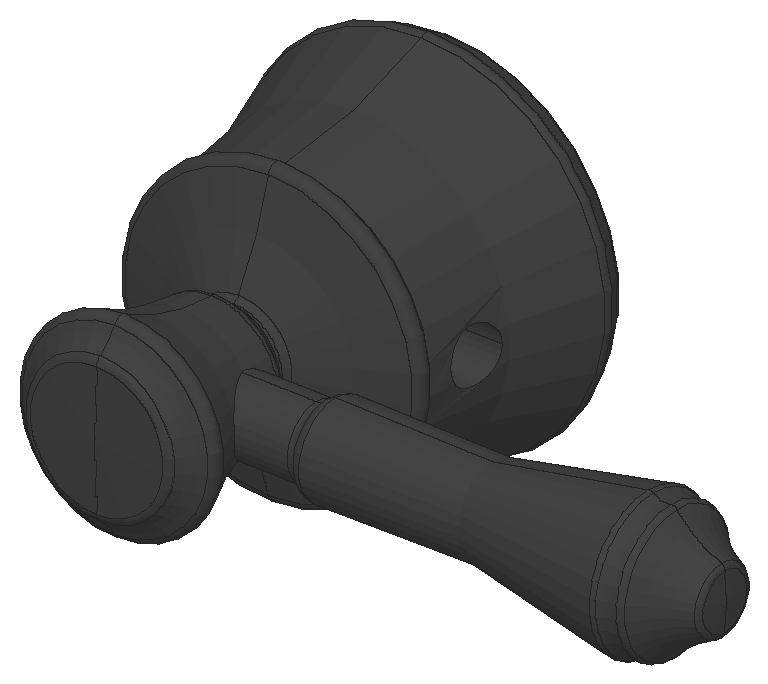
Revit family "Delta Bath Cassidy fgh797", category Plumbing Fixtures, host Wall, Revit 2013
Parameters
  URL = "http://www.deltafaucet.com "
  Valve = Stainless Steel
  Model = "fgh797"
  Manufacturer = "Delta"
Reference planes (in)
  plane 1: y = 0
  plane 2 "Center (Left/Right)": x = 0
  plane 3 "Wall Edge": y = 12
  plane 4: y = -12
  plane 5: y = -4
  plane 6: y = -6
Forms (in)
  Revolve 1, solid, material "Stainless Steel" <- "Valve"
    sketch origin (0, -8.08649, -48.25) x (0, 1, 0) y (0, 0, 1)
      loop
        arc (-5.32831, 69.85143) -> (-5.42167, 69.54972) -> (-5.56306, 69.2673) r 1.92667
        arc (-5.56306, 69.2673) -> (-5.58185, 69.24814) -> (-5.60718, 69.23927) r 0.05905
        line (-5.60718, 69.23927) -> (-5.63951, 69.23927)
        arc (-5.63951, 69.23927) -> (-5.65227, 69.24936) -> (-5.66049, 69.2634) r 0.04403
        arc (-5.66049, 69.2634) -> (-5.67541, 69.28546) -> (-5.69841, 69.2989) r 0.06
        arc (-5.69841, 69.2989) -> (-5.71806, 69.30963) -> (-5.73178, 69.32733) r 0.05482
        arc (-5.73178, 69.32733) -> (-5.75246, 69.35097) -> (-5.78225, 69.36092) r 0.06
        arc (-5.78225, 69.36092) -> (-6.13523, 69.42063) -> (-6.46666, 69.55591) r 1.63073
        arc (-6.46666, 69.55591) -> (-6.51645, 69.56427) -> (-6.55499, 69.53168) r 0.06
        arc (-6.55499, 69.53168) -> (-6.60238, 69.45965) -> (-6.66861, 69.40446) r 0.29404
        arc (-6.66861, 69.40446) -> (-6.68774, 69.38485) -> (-6.69616, 69.35877) r 0.06
        arc (-6.69616, 69.35877) -> (-6.70917, 69.14701) -> (-6.71351, 68.93489) r 5.18563
        line (-6.71351, 68.93489) -> (-3.91351, 68.93489) -> (-3.91351, 70.01368)
        arc (-3.91351, 70.01368) -> (-3.91738, 70.03118) -> (-3.93017, 70.04374) r 0.03153
        line (-3.93017, 70.04374) -> (-4.04683, 70.10572)
        arc (-4.04683, 70.10572) -> (-4.0796, 70.11255) -> (-4.11093, 70.10077) r 0.06
        arc (-4.11093, 70.10077) -> (-4.64131, 69.9214) -> (-5.19729, 69.85534) r 2.69835
        arc (-5.19729, 69.85534) -> (-5.21166, 69.86299) -> (-5.22235, 69.87527) r 0.04487
        arc (-5.22235, 69.87527) -> (-5.2829, 69.89699) -> (-5.32831, 69.85143) r 0.06
      axis (-3.91351, 68.93489) -> (-6.71351, 68.93489)
    angle from 0 to 360
  Revolve 2, solid, material "Stainless Steel" <- "Valve"
    sketch origin (0, -14.125, -48.25) x (1, 0, 0) y (0, 0, 1)
      loop
        arc (3.48766, 68.94686) -> (3.48193, 69.03416) -> (3.47545, 69.1214) r 10.0877
        arc (3.47545, 69.1214) -> (3.46881, 69.14214) -> (3.45362, 69.15774) r 0.04749
        arc (3.45362, 69.15774) -> (3.2971, 69.24419) -> (3.16651, 69.36633) r 0.7249
        arc (3.16651, 69.36633) -> (3.14899, 69.37864) -> (3.12765, 69.38048) r 0.04114
        arc (3.12765, 69.38048) -> (3.06873, 69.38193) -> (3.01514, 69.40645) r 0.14675
        arc (3.01514, 69.40645) -> (2.99976, 69.41301) -> (2.98308, 69.41211) r 0.03691
        arc (2.98308, 69.41211) -> (1.99743, 69.22792) -> (0.99476, 69.23815) r 5.15198
        arc (0.99476, 69.23815) -> (0.95196, 69.22043) -> (0.91949, 69.18738) r 0.11611
        arc (0.91949, 69.18738) -> (0.8976, 69.17793) -> (0.87381, 69.17645) r 0.06936
        arc (0.87381, 69.17645) -> (0.57404, 69.16829) -> (0.27427, 69.17645) r 5.50957
        line (0.27427, 69.17645) -> (0.27427, 68.94686) -> (3.48766, 68.94686)
      axis (0.27427, 68.94686) -> (3.48766, 68.94686)
    angle from 0 to 360
  Sweep 3, void
    path origin (-0.13809, -5.90909, -48.08558) x (1, 0, 0) y (0, 0, 1)
      loop
        line (1.32574, 68.91738) -> (0.32574, 68.91738)
    profile origin (0.68765, -5.90909, 20.8318) x (0, 0, -1) y (0, -1, 0)
      loop
        circle (0.13681, 7.03952) r 0.17875
  Revolve 4, solid, material "Stainless Steel" <- "Valve", not visible
    sketch origin (0, -0.08649, -4.25) x (0, 1, 0) y (0, 0, 1)
      loop
        arc (-5.32831, 69.85143) -> (-5.42167, 69.54972) -> (-5.56306, 69.2673) r 1.92667
        arc (-5.56306, 69.2673) -> (-5.58185, 69.24814) -> (-5.60718, 69.23927) r 0.05905
        line (-5.60718, 69.23927) -> (-5.63951, 69.23927)
        arc (-5.63951, 69.23927) -> (-5.65227, 69.24936) -> (-5.66049, 69.2634) r 0.04403
        arc (-5.66049, 69.2634) -> (-5.67541, 69.28546) -> (-5.69841, 69.2989) r 0.06
        arc (-5.69841, 69.2989) -> (-5.71806, 69.30963) -> (-5.73178, 69.32733) r 0.05482
        arc (-5.73178, 69.32733) -> (-5.75246, 69.35097) -> (-5.78225, 69.36092) r 0.06
        arc (-5.78225, 69.36092) -> (-6.13523, 69.42063) -> (-6.46666, 69.55591) r 1.63073
        arc (-6.46666, 69.55591) -> (-6.51645, 69.56427) -> (-6.55499, 69.53168) r 0.06
        arc (-6.55499, 69.53168) -> (-6.60238, 69.45965) -> (-6.66861, 69.40446) r 0.29404
        arc (-6.66861, 69.40446) -> (-6.68774, 69.38485) -> (-6.69616, 69.35877) r 0.06
        arc (-6.69616, 69.35877) -> (-6.70917, 69.14701) -> (-6.71351, 68.93489) r 5.18563
        line (-6.71351, 68.93489) -> (-3.91351, 68.93489) -> (-3.91351, 70.01368)
        arc (-3.91351, 70.01368) -> (-3.91738, 70.03118) -> (-3.93017, 70.04374) r 0.03153
        line (-3.93017, 70.04374) -> (-4.04683, 70.10572)
        arc (-4.04683, 70.10572) -> (-4.0796, 70.11255) -> (-4.11093, 70.10077) r 0.06
        arc (-4.11093, 70.10077) -> (-4.64131, 69.9214) -> (-5.19729, 69.85534) r 2.69835
        arc (-5.19729, 69.85534) -> (-5.21166, 69.86299) -> (-5.22235, 69.87527) r 0.04487
        arc (-5.22235, 69.87527) -> (-5.2829, 69.89699) -> (-5.32831, 69.85143) r 0.06
      axis (-3.91351, 68.93489) -> (-6.71351, 68.93489)
    angle from 0 to 360
  Revolve 5, solid, material "Stainless Steel" <- "Valve", not visible
    sketch origin (0, -6.125, -4.25) x (1, 0, 0) y (0, 0, 1)
      loop
        arc (3.48766, 68.94686) -> (3.48193, 69.03416) -> (3.47545, 69.1214) r 10.0877
        arc (3.47545, 69.1214) -> (3.46881, 69.14214) -> (3.45362, 69.15774) r 0.04749
        arc (3.45362, 69.15774) -> (3.2971, 69.24419) -> (3.16651, 69.36633) r 0.7249
        arc (3.16651, 69.36633) -> (3.14899, 69.37864) -> (3.12765, 69.38048) r 0.04114
        arc (3.12765, 69.38048) -> (3.06873, 69.38193) -> (3.01514, 69.40645) r 0.14675
        arc (3.01514, 69.40645) -> (2.99976, 69.41301) -> (2.98308, 69.41211) r 0.03691
        arc (2.98308, 69.41211) -> (1.99743, 69.22792) -> (0.99476, 69.23815) r 5.15198
        arc (0.99476, 69.23815) -> (0.95196, 69.22043) -> (0.91949, 69.18738) r 0.11611
        arc (0.91949, 69.18738) -> (0.8976, 69.17793) -> (0.87381, 69.17645) r 0.06936
        arc (0.87381, 69.17645) -> (0.57404, 69.16829) -> (0.27427, 69.17645) r 5.50957
        line (0.27427, 69.17645) -> (0.27427, 68.94686) -> (3.48766, 68.94686)
      axis (0.27427, 68.94686) -> (3.48766, 68.94686)
    angle from 0 to 360
  Sweep 6, void, not visible
    path origin (-0.13809, 2.09091, -4.08558) x (1, 0, 0) y (0, 0, 1)
      loop
        line (1.32574, 68.91738) -> (0.32574, 68.91738)
    profile origin (0.68765, 2.09091, 64.8318) x (0, 0, -1) y (0, -1, 0)
      loop
        circle (0.13681, 7.03952) r 0.17875
  Revolve 7, solid, material "Stainless Steel" <- "Valve", not visible
    sketch origin (0, -0.08649, -48.25) x (0, 1, 0) y (0, 0, 1)
      loop
        arc (-5.32831, 69.85143) -> (-5.42167, 69.54972) -> (-5.56306, 69.2673) r 1.92667
        arc (-5.56306, 69.2673) -> (-5.58185, 69.24814) -> (-5.60718, 69.23927) r 0.05905
        line (-5.60718, 69.23927) -> (-5.63951, 69.23927)
        arc (-5.63951, 69.23927) -> (-5.65227, 69.24936) -> (-5.66049, 69.2634) r 0.04403
        arc (-5.66049, 69.2634) -> (-5.67541, 69.28546) -> (-5.69841, 69.2989) r 0.06
        arc (-5.69841, 69.2989) -> (-5.71806, 69.30963) -> (-5.73178, 69.32733) r 0.05482
        arc (-5.73178, 69.32733) -> (-5.75246, 69.35097) -> (-5.78225, 69.36092) r 0.06
        arc (-5.78225, 69.36092) -> (-6.13523, 69.42063) -> (-6.46666, 69.55591) r 1.63073
        arc (-6.46666, 69.55591) -> (-6.51645, 69.56427) -> (-6.55499, 69.53168) r 0.06
        arc (-6.55499, 69.53168) -> (-6.60238, 69.45965) -> (-6.66861, 69.40446) r 0.29404
        arc (-6.66861, 69.40446) -> (-6.68774, 69.38485) -> (-6.69616, 69.35877) r 0.06
        arc (-6.69616, 69.35877) -> (-6.70917, 69.14701) -> (-6.71351, 68.93489) r 5.18563
        line (-6.71351, 68.93489) -> (-3.91351, 68.93489) -> (-3.91351, 70.01368)
        arc (-3.91351, 70.01368) -> (-3.91738, 70.03118) -> (-3.93017, 70.04374) r 0.03153
        line (-3.93017, 70.04374) -> (-4.04683, 70.10572)
        arc (-4.04683, 70.10572) -> (-4.0796, 70.11255) -> (-4.11093, 70.10077) r 0.06
        arc (-4.11093, 70.10077) -> (-4.64131, 69.9214) -> (-5.19729, 69.85534) r 2.69835
        arc (-5.19729, 69.85534) -> (-5.21166, 69.86299) -> (-5.22235, 69.87527) r 0.04487
        arc (-5.22235, 69.87527) -> (-5.2829, 69.89699) -> (-5.32831, 69.85143) r 0.06
      axis (-3.91351, 68.93489) -> (-6.71351, 68.93489)
    angle from 0 to 360
  Revolve 8, solid, material "Stainless Steel" <- "Valve", not visible
    sketch origin (0, -6.125, -48.25) x (1, 0, 0) y (0, 0, 1)
      loop
        arc (3.48766, 68.94686) -> (3.48193, 69.03416) -> (3.47545, 69.1214) r 10.0877
        arc (3.47545, 69.1214) -> (3.46881, 69.14214) -> (3.45362, 69.15774) r 0.04749
        arc (3.45362, 69.15774) -> (3.2971, 69.24419) -> (3.16651, 69.36633) r 0.7249
        arc (3.16651, 69.36633) -> (3.14899, 69.37864) -> (3.12765, 69.38048) r 0.04114
        arc (3.12765, 69.38048) -> (3.06873, 69.38193) -> (3.01514, 69.40645) r 0.14675
        arc (3.01514, 69.40645) -> (2.99976, 69.41301) -> (2.98308, 69.41211) r 0.03691
        arc (2.98308, 69.41211) -> (1.99743, 69.22792) -> (0.99476, 69.23815) r 5.15198
        arc (0.99476, 69.23815) -> (0.95196, 69.22043) -> (0.91949, 69.18738) r 0.11611
        arc (0.91949, 69.18738) -> (0.8976, 69.17793) -> (0.87381, 69.17645) r 0.06936
        arc (0.87381, 69.17645) -> (0.57404, 69.16829) -> (0.27427, 69.17645) r 5.50957
        line (0.27427, 69.17645) -> (0.27427, 68.94686) -> (3.48766, 68.94686)
      axis (0.27427, 68.94686) -> (3.48766, 68.94686)
    angle from 0 to 360
  Sweep 9, void, not visible
    path origin (-0.13809, 2.09091, -48.08558) x (1, 0, 0) y (0, 0, 1)
      loop
        line (1.32574, 68.91738) -> (0.32574, 68.91738)
    profile origin (0.68765, 2.09091, 20.8318) x (0, 0, -1) y (0, -1, 0)
      loop
        circle (0.13681, 7.03952) r 0.17875
  Revolve 10, solid, material "Stainless Steel" <- "Valve", not visible
    sketch origin (0, -0.08649, -48.25) x (0, 1, 0) y (0, 0, 1)
      loop
        arc (-5.32831, 69.85143) -> (-5.42167, 69.54972) -> (-5.56306, 69.2673) r 1.92667
        arc (-5.56306, 69.2673) -> (-5.58185, 69.24814) -> (-5.60718, 69.23927) r 0.05905
        line (-5.60718, 69.23927) -> (-5.63951, 69.23927)
        arc (-5.63951, 69.23927) -> (-5.65227, 69.24936) -> (-5.66049, 69.2634) r 0.04403
        arc (-5.66049, 69.2634) -> (-5.67541, 69.28546) -> (-5.69841, 69.2989) r 0.06
        arc (-5.69841, 69.2989) -> (-5.71806, 69.30963) -> (-5.73178, 69.32733) r 0.05482
        arc (-5.73178, 69.32733) -> (-5.75246, 69.35097) -> (-5.78225, 69.36092) r 0.06
        arc (-5.78225, 69.36092) -> (-6.13523, 69.42063) -> (-6.46666, 69.55591) r 1.63073
        arc (-6.46666, 69.55591) -> (-6.51645, 69.56427) -> (-6.55499, 69.53168) r 0.06
        arc (-6.55499, 69.53168) -> (-6.60238, 69.45965) -> (-6.66861, 69.40446) r 0.29404
        arc (-6.66861, 69.40446) -> (-6.68774, 69.38485) -> (-6.69616, 69.35877) r 0.06
        arc (-6.69616, 69.35877) -> (-6.70917, 69.14701) -> (-6.71351, 68.93489) r 5.18563
        line (-6.71351, 68.93489) -> (-3.91351, 68.93489) -> (-3.91351, 70.01368)
        arc (-3.91351, 70.01368) -> (-3.91738, 70.03118) -> (-3.93017, 70.04374) r 0.03153
        line (-3.93017, 70.04374) -> (-4.04683, 70.10572)
        arc (-4.04683, 70.10572) -> (-4.0796, 70.11255) -> (-4.11093, 70.10077) r 0.06
        arc (-4.11093, 70.10077) -> (-4.64131, 69.9214) -> (-5.19729, 69.85534) r 2.69835
        arc (-5.19729, 69.85534) -> (-5.21166, 69.86299) -> (-5.22235, 69.87527) r 0.04487
        arc (-5.22235, 69.87527) -> (-5.2829, 69.89699) -> (-5.32831, 69.85143) r 0.06
      axis (-3.91351, 68.93489) -> (-6.71351, 68.93489)
    angle from 0 to 360
  Revolve 11, solid, material "Stainless Steel" <- "Valve", not visible
    sketch origin (0, -6.125, -48.25) x (1, 0, 0) y (0, 0, 1)
      loop
        arc (3.48766, 68.94686) -> (3.48193, 69.03416) -> (3.47545, 69.1214) r 10.0877
        arc (3.47545, 69.1214) -> (3.46881, 69.14214) -> (3.45362, 69.15774) r 0.04749
        arc (3.45362, 69.15774) -> (3.2971, 69.24419) -> (3.16651, 69.36633) r 0.7249
        arc (3.16651, 69.36633) -> (3.14899, 69.37864) -> (3.12765, 69.38048) r 0.04114
        arc (3.12765, 69.38048) -> (3.06873, 69.38193) -> (3.01514, 69.40645) r 0.14675
        arc (3.01514, 69.40645) -> (2.99976, 69.41301) -> (2.98308, 69.41211) r 0.03691
        arc (2.98308, 69.41211) -> (1.99743, 69.22792) -> (0.99476, 69.23815) r 5.15198
        arc (0.99476, 69.23815) -> (0.95196, 69.22043) -> (0.91949, 69.18738) r 0.11611
        arc (0.91949, 69.18738) -> (0.8976, 69.17793) -> (0.87381, 69.17645) r 0.06936
        arc (0.87381, 69.17645) -> (0.57404, 69.16829) -> (0.27427, 69.17645) r 5.50957
        line (0.27427, 69.17645) -> (0.27427, 68.94686) -> (3.48766, 68.94686)
      axis (0.27427, 68.94686) -> (3.48766, 68.94686)
    angle from 0 to 360
  Sweep 12, void, not visible
    path origin (-0.13809, 2.09091, -48.08558) x (1, 0, 0) y (0, 0, 1)
      loop
        line (1.32574, 68.91738) -> (0.32574, 68.91738)
    profile origin (0.68765, 2.09091, 20.8318) x (0, 0, -1) y (0, -1, 0)
      loop
        circle (0.13681, 7.03952) r 0.17875
  Revolve 13, solid, material "Stainless Steel" <- "Valve", not visible
    sketch origin (0, -2.08649, -48.25) x (0, 1, 0) y (0, 0, 1)
      loop
        arc (-5.32831, 69.85143) -> (-5.42167, 69.54972) -> (-5.56306, 69.2673) r 1.92667
        arc (-5.56306, 69.2673) -> (-5.58185, 69.24814) -> (-5.60718, 69.23927) r 0.05905
        line (-5.60718, 69.23927) -> (-5.63951, 69.23927)
        arc (-5.63951, 69.23927) -> (-5.65227, 69.24936) -> (-5.66049, 69.2634) r 0.04403
        arc (-5.66049, 69.2634) -> (-5.67541, 69.28546) -> (-5.69841, 69.2989) r 0.06
        arc (-5.69841, 69.2989) -> (-5.71806, 69.30963) -> (-5.73178, 69.32733) r 0.05482
        arc (-5.73178, 69.32733) -> (-5.75246, 69.35097) -> (-5.78225, 69.36092) r 0.06
        arc (-5.78225, 69.36092) -> (-6.13523, 69.42063) -> (-6.46666, 69.55591) r 1.63073
        arc (-6.46666, 69.55591) -> (-6.51645, 69.56427) -> (-6.55499, 69.53168) r 0.06
        arc (-6.55499, 69.53168) -> (-6.60238, 69.45965) -> (-6.66861, 69.40446) r 0.29404
        arc (-6.66861, 69.40446) -> (-6.68774, 69.38485) -> (-6.69616, 69.35877) r 0.06
        arc (-6.69616, 69.35877) -> (-6.70917, 69.14701) -> (-6.71351, 68.93489) r 5.18563
        line (-6.71351, 68.93489) -> (-3.91351, 68.93489) -> (-3.91351, 70.01368)
        arc (-3.91351, 70.01368) -> (-3.91738, 70.03118) -> (-3.93017, 70.04374) r 0.03153
        line (-3.93017, 70.04374) -> (-4.04683, 70.10572)
        arc (-4.04683, 70.10572) -> (-4.0796, 70.11255) -> (-4.11093, 70.10077) r 0.06
        arc (-4.11093, 70.10077) -> (-4.64131, 69.9214) -> (-5.19729, 69.85534) r 2.69835
        arc (-5.19729, 69.85534) -> (-5.21166, 69.86299) -> (-5.22235, 69.87527) r 0.04487
        arc (-5.22235, 69.87527) -> (-5.2829, 69.89699) -> (-5.32831, 69.85143) r 0.06
      axis (-3.91351, 68.93489) -> (-6.71351, 68.93489)
    angle from 0 to 360
  Revolve 14, solid, material "Stainless Steel" <- "Valve", not visible
    sketch origin (0, -8.125, -48.25) x (1, 0, 0) y (0, 0, 1)
      loop
        arc (3.48766, 68.94686) -> (3.48193, 69.03416) -> (3.47545, 69.1214) r 10.0877
        arc (3.47545, 69.1214) -> (3.46881, 69.14214) -> (3.45362, 69.15774) r 0.04749
        arc (3.45362, 69.15774) -> (3.2971, 69.24419) -> (3.16651, 69.36633) r 0.7249
        arc (3.16651, 69.36633) -> (3.14899, 69.37864) -> (3.12765, 69.38048) r 0.04114
        arc (3.12765, 69.38048) -> (3.06873, 69.38193) -> (3.01514, 69.40645) r 0.14675
        arc (3.01514, 69.40645) -> (2.99976, 69.41301) -> (2.98308, 69.41211) r 0.03691
        arc (2.98308, 69.41211) -> (1.99743, 69.22792) -> (0.99476, 69.23815) r 5.15198
        arc (0.99476, 69.23815) -> (0.95196, 69.22043) -> (0.91949, 69.18738) r 0.11611
        arc (0.91949, 69.18738) -> (0.8976, 69.17793) -> (0.87381, 69.17645) r 0.06936
        arc (0.87381, 69.17645) -> (0.57404, 69.16829) -> (0.27427, 69.17645) r 5.50957
        line (0.27427, 69.17645) -> (0.27427, 68.94686) -> (3.48766, 68.94686)
      axis (0.27427, 68.94686) -> (3.48766, 68.94686)
    angle from 0 to 360
  Sweep 15, void, not visible
    path origin (-0.13809, 0.09091, -48.08558) x (1, 0, 0) y (0, 0, 1)
      loop
        line (1.32574, 68.91738) -> (0.32574, 68.91738)
    profile origin (0.68765, 0.09091, 20.8318) x (0, 0, -1) y (0, -1, 0)
      loop
        circle (0.13681, 7.03952) r 0.17875
Cuts and joins
  Sweep 3 cuts Revolve 1
Text (in)
  text "Placement Side" at (0, 40.15149, 123.01588), in view "Right"
  text "Placement Side" at (-70.3804, 28.46503, 0), in view "Ref. Level"
  text "Placement Side" at (0, 81.62555, 140.59947), in view "Left"
Dimensions and locks (in)
  locked: plane 3 "Wall Edge" to host wall
  aligned and locked: host wall to cut or joined group of Revolve 1, Sweep 3
